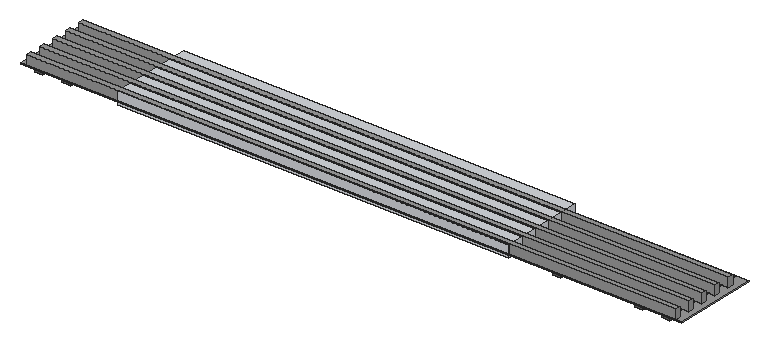
Revit family "1112-5, Veneer", category Generic Models, host Face, Revit 2020
Family settings
  Host = Face
  Can host rebar = No
  Round Connector Dimension = Use Diameter
  Part Type = Normal
  Cut with Voids When Loaded = No
  Shared = No
  Room Calculation Point = No
Parameters
  min_value [instance] = 1' - 11 1/4"  # constant formula
  max_value [instance] = 9' - 11 1/4"  # constant formula
  actual_value [instance] = if(NET LENGTH < min_value, min_value, if(NET LENGTH > max_value, max_value, NET LENGTH))  # 7' - 11 1/4"
  SCRIM MATERIAL [instance] = SCRIM
  SCRIM [instance] = yes
  NET LENGTH [instance] = 7' - 11 1/4"
  Default Elevation = 4' - 0"
  BACKER MATERIAL [instance] = BLACK-BACKERS
  .. MEMBER WIDTH [instance] = 0' - 0 3/4"  # constant formula
  .. MEMBER MATERIAL [instance] = Veneer Cherry
  .. MEMBER LENGTH [instance] = actual_value  # 7' - 11 1/4"
  .. MEMBER DEPTH [instance] = 0' - 1 3/8"  # constant formula
  .. MEMBER COUNT [instance] = 5  # constant formula
  IMPORTANT NOTE!!!                                                                             *Backer layout is for visualization purposes only, final layout to be determined by 9Wood. [instance] = ""
Reference planes (in)
  plane 1 "Center (Front/Back)": y = 0
  plane 2: z = 1.82209
  plane 3 "Center (Left/Right)": x = 0
Forms (in)
  Extrusion 1, solid
    sketch origin (132, -33.80483, 0) x (1, 0, 0) y (0, 1, 0)
      loop
        line (-118.625, 33.80483) -> (-61.26146, 33.80483) -> (-61.26146, 45.86733) -> (-118.625, 45.86733) -> (-118.625, 33.80483)
    from 1.82209 to 0
Dimensions and locks (in)
  aligned and locked: Extrusion 1 to plane 2
  aligned and locked: plane 3 "Center (Left/Right)" to nested 1
Nested families (in)
  nested 1: "1100 SERIES CONFIG" at (0, 2, 0), .. MEMBER DEPTH <- ".. MEMBER DEPTH", .. MEMBER LENGTH <- ".. MEMBER LENGTH", .. MEMBER WIDTH <- ".. MEMBER WIDTH", .. MEMBER MATERIAL <- ".. MEMBER MATERIAL", BACKING M MATERIAL <- "BACKER MATERIAL", SCRIM  MATERIAL <- "SCRIM MATERIAL", .. MEMBER COUNT <- ".. MEMBER COUNT", SCRIM <- "SCRIM", type "1100 SERIES CONFIG"
    with X 7' - 8", SCRIM OVERHANG 2 0' - 0 3/32", SCRIM OVERHANG 0' - 0 7/8", SCRIM LENGTH 8' - 1", SCRIM  MATERIAL SCRIM, SCRIM yes, NOMINAL LENGTH 7, N 8, Inset 6' - 0 3/8", INSET 0' - 1", INDEX 0' - 5 5/8", HALF MEMBER WIDTH 0' - 0 3/8", HALF LENGTH 3' - 11 5/8", END BACKER yes, BACKING M WIDTH 0' - 1 1/4", BACKING M OC SPACING 1' - 0", BACKING M MATERIAL BLACK-BACKERS, BACKING M LENGTH 0' - 11 7/8", BACKING M DEPTH 0' - 0 1/2", BACKING M COUNT 8, 3/16" INSET 0' - 0 3/16", .. MEMBER WIDTH 0' - 0 3/4", .. MEMBER OC SPACING 0' - 2.4", .. MEMBER MATERIAL Veneer Cherry, .. MEMBER LENGTH 7' - 11 1/4", .. MEMBER DEPTH 0' - 1 3/8", .. MEMBER COUNT 5
Definition of nested family "1100 SERIES CONFIG"
  Parameters (values of type "1100 SERIES CONFIG")
    X [instance] = .. MEMBER LENGTH - 0' 3 1/4"  # 5' - 5"
    SCRIM OVERHANG 2 [instance] = 0' - 0 3/32"  # constant formula
    SCRIM OVERHANG [instance] = 0' - 0 7/8"  # constant formula
    SCRIM LENGTH [instance] = .. MEMBER LENGTH + (SCRIM OVERHANG * 2)  # 5' - 10"
    SCRIM  MATERIAL [instance] = none
    SCRIM [instance] = yes
    NOMINAL LENGTH [instance] = 7
    N [instance] = if((X - (rounddown(X / 1' 0") * 1' 0")) > 1' 0", rounddown(X / 1' 0") + 2, rounddown(X / 1' 0") + 1)  # 6
    Inset [instance] = 6' - 0 3/8"  # constant formula
    INSET [instance] = 0' - 1"  # constant formula
    END BACKER [instance] = INDEX > 0' 3 5/8"  # yes
    INDEX [instance] = (.. MEMBER LENGTH - ((N - 1) * 1' 0")) / 2  # 0' - 4 1/8"
    HALF MEMBER WIDTH [instance] = .. MEMBER WIDTH / 2  # 0' - 0 5/16"
    HALF LENGTH [instance] = .. MEMBER LENGTH / 2  # 2' - 10 1/8"
    Default Elevation = 0' - 0"
    BACKING M WIDTH [instance] = 0' - 1 1/4"
    BACKING M SPACING = 3' - 3"
    BACKING M MATERIAL [instance] = none
    BACKING M LENGTH [instance] = 0' - 11 7/8"
    BACKING M DEPTH [instance] = 0' - 0 1/2"
    BACKING M COUNT [instance] = N  # 6
    BACKING M OC SPACING [instance] = 1' - 0"  # constant formula
    3/16" INSET [instance] = 0' - 0 3/16"  # constant formula
    .. MEMBER WIDTH [instance] = 0' - 0 5/8"
    .. MEMBER OC SPACING [instance] = 1' 0" / .. MEMBER COUNT  # 0' - 4"
    .. MEMBER MATERIAL [instance] = none
    .. MEMBER LENGTH [instance] = 5' - 8 1/4"
    .. MEMBER DEPTH [instance] = 0' - 1 3/8"
    .. MEMBER COUNT [instance] = 3
  Reference planes (in)
    plane 1 "Center (Front/Back)": y = -2
    plane 2: z = 0
    plane 3 "Center (Left/Right)": x = 0
    plane 4: x = 1
    plane 5: x = 4.125
    plane 6: x = 34.125
    plane 7: x = 68.25
    plane 8: x = 67.25
    plane 9: x = 16.125
    plane 10: y = -1.8125
    plane 11: y = -1.6875
    plane 12: y = 2.3125
    plane 13: x = 69.125
    plane 14: x = -0.875
    plane 15: z = 0.5
    plane 16: z = 0.5625
    plane 17: y = 10.0625
    plane 18: y = 10.15625
    plane 19: y = -2.09375
  Dimensions and locks (in)
    "INSET": plane 3 "Center (Left/Right)" to plane 4
    "INDEX": plane 3 "Center (Left/Right)" to plane 5
    "HALF LENGTH": plane 3 "Center (Left/Right)" to plane 6
    ".. MEMBER LENGTH": plane 3 "Center (Left/Right)" to plane 7
    "INSET": plane 8 to plane 7
    equal spacing: group 2, group 3, group 6, group 7, group 8, group 9  (x3)
    "3/16" INSET": plane 1 "Center (Front/Back)" to plane 10
    ".. MEMBER OC SPACING": plane 12 to plane 11
    "SCRIM OVERHANG": plane 14 to plane 3 "Center (Left/Right)"
    "SCRIM OVERHANG": plane 7 to plane 13
    equal spacing: group 1, group 4, group 5  (x2)
    equal spacing: group 5, group 4, group 1
    "HALF MEMBER WIDTH": plane 1 "Center (Front/Back)" to plane 11
    "BACKING M OC SPACING": plane 5 to plane 9
    "SCRIM OVERHANG 2": plane 18 to plane 17
    "SCRIM OVERHANG 2": plane 19 to plane 1 "Center (Front/Back)"
    aligned and locked: level to plane 2
    aligned and locked: plane 6 to nested 1
    aligned and locked: nested 2 to plane 4
    aligned and locked: plane 5 to nested 3
    aligned and locked: plane 1 "Center (Front/Back)" to nested 1
    aligned and locked: nested 2 to plane 10
    aligned and locked: nested 3 to plane 10
    aligned and locked: nested 5 to plane 10
    aligned and locked: nested 4 to plane 10
    aligned and locked: nested 6 to plane 14
    aligned and locked: plane 12 to nested 7
    aligned and locked: nested 7 to plane 3 "Center (Left/Right)"
    aligned and locked: plane 9 to nested 5
    aligned and locked: plane 8 to nested 4
    aligned and locked: plane 15 to nested 2
    aligned and locked: nested 6 to plane 15
    aligned and locked: nested 1 to plane 16
    aligned and locked: nested 7 to plane 16
    aligned and locked: nested 6 to plane 19
  Nested families (in)
    nested 1: "INSTANCE - Parametric Cube" at (34.125, -1.6875, 1.9375), Length <- ".. MEMBER WIDTH", Height <- ".. MEMBER DEPTH", Width <- ".. MEMBER LENGTH", Material <- ".. MEMBER MATERIAL", type "INSTANCE - Parametric Cube"
      with Width 5' - 8 1/4", Material none, Length 0' - 0 5/8", Height 0' - 1 3/8"
    nested 2: "2ND INSTANCE - Parametric Cube" at (1.625, 4.125, 0), Height <- "BACKING M DEPTH", Length <- "BACKING M LENGTH", Width <- "BACKING M WIDTH", Material <- "BACKING M MATERIAL", visible <- "END BACKER", type "2ND INSTANCE - Parametric Cube"
      with Width 0' - 1 1/4", Material none, Length 0' - 11 7/8", Height 0' - 0 1/2"
    nested 3: "2ND INSTANCE - Parametric Cube" at (4.125, 4.125, 0), Length <- "BACKING M LENGTH", Height <- "BACKING M DEPTH", Width <- "BACKING M WIDTH", Material <- "BACKING M MATERIAL", type "2ND INSTANCE - Parametric Cube"
      with Width 0' - 1 1/4", Material none, Length 0' - 11 7/8", Height 0' - 0 1/2"
    nested 4: "2ND INSTANCE - Parametric Cube" at (66.625, 4.125, 0), Width <- "BACKING M WIDTH", Length <- "BACKING M LENGTH", Height <- "BACKING M DEPTH", Material <- "BACKING M MATERIAL", visible <- "END BACKER", type "2ND INSTANCE - Parametric Cube"
      with Width 0' - 1 1/4", Material none, Length 0' - 11 7/8", Height 0' - 0 1/2"
    nested 5: "2ND INSTANCE - Parametric Cube" at (16.125, 4.125, 0), Length <- "BACKING M LENGTH", Height <- "BACKING M DEPTH", Width <- "BACKING M WIDTH", Material <- "BACKING M MATERIAL", type "2ND INSTANCE - Parametric Cube"
      with Width 0' - 1 1/4", Material none, Length 0' - 11 7/8", Height 0' - 0 1/2"
    nested 6: "3RD INSTANCE - Parametric Cube" at (34.125, 4.0445, 0.5), Width <- "SCRIM LENGTH", Material <- "SCRIM  MATERIAL", visible <- "SCRIM", type "3RD INSTANCE - Parametric Cube"
      with Width 5' - 10", Material none, Length 1' - 0.27649", Height 0' - 0 1/16"
    nested 7: "INSTANCE - Parametric Cube" at (34.125, 2.3125, 1.9375), Length <- ".. MEMBER WIDTH", Height <- ".. MEMBER DEPTH", Width <- ".. MEMBER LENGTH", Material <- ".. MEMBER MATERIAL", type "INSTANCE - Parametric Cube"
      with Width 5' - 8 1/4", Material none, Length 0' - 0 5/8", Height 0' - 1 3/8"
    nested 8: "INSTANCE - Parametric Cube" at (34.125, 6.3125, 1.9375), Length <- ".. MEMBER WIDTH", Height <- ".. MEMBER DEPTH", Width <- ".. MEMBER LENGTH", Material <- ".. MEMBER MATERIAL", type "INSTANCE - Parametric Cube"
      with Width 5' - 8 1/4", Material none, Length 0' - 0 5/8", Height 0' - 1 3/8"
    nested 9: "2ND INSTANCE - Parametric Cube" at (28.125, 4.125, 0), Length <- "BACKING M LENGTH", Height <- "BACKING M DEPTH", Width <- "BACKING M WIDTH", Material <- "BACKING M MATERIAL", type "2ND INSTANCE - Parametric Cube"
      with Width 0' - 1 1/4", Material none, Length 0' - 11 7/8", Height 0' - 0 1/2"
    nested 10: "2ND INSTANCE - Parametric Cube" at (40.125, 4.125, 0), Length <- "BACKING M LENGTH", Height <- "BACKING M DEPTH", Width <- "BACKING M WIDTH", Material <- "BACKING M MATERIAL", type "2ND INSTANCE - Parametric Cube"
      with Width 0' - 1 1/4", Material none, Length 0' - 11 7/8", Height 0' - 0 1/2"
    nested 11: "2ND INSTANCE - Parametric Cube" at (52.125, 4.125, 0), Length <- "BACKING M LENGTH", Height <- "BACKING M DEPTH", Width <- "BACKING M WIDTH", Material <- "BACKING M MATERIAL", type "2ND INSTANCE - Parametric Cube"
      with Width 0' - 1 1/4", Material none, Length 0' - 11 7/8", Height 0' - 0 1/2"
    nested 12: "2ND INSTANCE - Parametric Cube" at (64.125, 4.125, 0), Length <- "BACKING M LENGTH", Height <- "BACKING M DEPTH", Width <- "BACKING M WIDTH", Material <- "BACKING M MATERIAL", type "2ND INSTANCE - Parametric Cube"
      with Width 0' - 1 1/4", Material none, Length 0' - 11 7/8", Height 0' - 0 1/2"
  Definition of nested family "INSTANCE - Parametric Cube"
    Parameters (values of type "INSTANCE - Parametric Cube")
      Width [instance] = 0' - 6"
      Material [instance] = none
      Length [instance] = 1' - 0"
      Height [instance] = 1' - 6"
      Default Elevation = 0' - 0"
    Reference planes (in)
      plane 1 "Center (Front/Back)": y = 0
      plane 2: z = 0
      plane 3 "Center (Left/Right)": x = 0
      plane 4: x = -3
      plane 5: x = 3
      plane 6: y = 6
      plane 7: y = -6
      plane 8: z = -18
    Forms (in)
      Extrusion 1, solid, material <- "Material"
        sketch origin (0, 0, 0) x (1, 0, 0) y (0, 1, 0)
          loop
            line (-3, 6) -> (-3, -6) -> (3, -6) -> (3, 6) -> (-3, 6)
        from -18 to 0
    Dimensions and locks (in)
      equal spacing: plane 4, plane 3 "Center (Left/Right)", plane 5
      equal spacing: plane 6, plane 1 "Center (Front/Back)", plane 7
      "Length": plane 6 to plane 7
      "Width": plane 4 to plane 5
      "Height": plane 8 to level
      aligned and locked: plane 2 to level
      aligned and locked: Extrusion 1 sketch curve to plane 6
      aligned and locked: plane 4 to Extrusion 1 sketch curve
      aligned and locked: plane 7 to Extrusion 1 sketch curve
      aligned and locked: Extrusion 1 sketch curve to plane 5
      aligned and locked: Extrusion 1 to plane 8
  Definition of nested family "2ND INSTANCE - Parametric Cube"
    Parameters (values of type "2ND INSTANCE - Parametric Cube")
      Width [instance] = 0' - 6"
      Material [instance] = none
      Length [instance] = 1' - 0"
      Height [instance] = 1' - 6"
      Default Elevation = 0' - 0"
    Reference planes (in)
      plane 1 "Center (Front/Back)": y = 0
      plane 2: z = 0
      plane 3 "Center (Left/Right)": x = 0
      plane 4: x = -3
      plane 5: x = 3
      plane 6: y = 6
      plane 7: y = -6
      plane 8: z = 18
    Forms (in)
      Extrusion 1, solid, material <- "Material"
        sketch origin (0, 0, 0) x (1, 0, 0) y (0, 1, 0)
          loop
            line (-3, 6) -> (-3, -6) -> (3, -6) -> (3, 6) -> (-3, 6)
        from 0 to 18
    Dimensions and locks (in)
      equal spacing: plane 4, plane 3 "Center (Left/Right)", plane 5
      equal spacing: plane 6, plane 1 "Center (Front/Back)", plane 7
      "Length": plane 6 to plane 7
      "Width": plane 4 to plane 5
      "Height": level to plane 8
      aligned and locked: plane 2 to level
      aligned and locked: Extrusion 1 sketch curve to plane 6
      aligned and locked: plane 4 to Extrusion 1 sketch curve
      aligned and locked: plane 7 to Extrusion 1 sketch curve
      aligned and locked: Extrusion 1 sketch curve to plane 5
      aligned and locked: plane 8 to Extrusion 1
      aligned and locked: Extrusion 1 to level
  Definition of nested family "3RD INSTANCE - Parametric Cube"
    Parameters (values of type "3RD INSTANCE - Parametric Cube")
      Width [instance] = 0' - 6"
      Material [instance] = none
      Length [instance] = 1' - 0"
      Height [instance] = 1' - 6"
      Default Elevation = 0' - 0"
    Reference planes (in)
      plane 1 "Center (Front/Back)": y = 0
      plane 2: z = 0
      plane 3 "Center (Left/Right)": x = 0
      plane 4: x = -3
      plane 5: x = 3
      plane 6: y = 6
      plane 7: y = -6
      plane 8: z = 18
    Forms (in)
      Extrusion 1, solid, material <- "Material"
        sketch origin (0, 0, 0) x (1, 0, 0) y (0, 1, 0)
          loop
            line (-3, 6) -> (-3, -6) -> (3, -6) -> (3, 6) -> (-3, 6)
        from 0 to 18
    Dimensions and locks (in)
      equal spacing: plane 4, plane 3 "Center (Left/Right)", plane 5
      equal spacing: plane 6, plane 1 "Center (Front/Back)", plane 7
      "Length": plane 6 to plane 7
      "Width": plane 4 to plane 5
      "Height": level to plane 8
      aligned and locked: plane 2 to level
      aligned and locked: Extrusion 1 sketch curve to plane 6
      aligned and locked: plane 4 to Extrusion 1 sketch curve
      aligned and locked: plane 7 to Extrusion 1 sketch curve
      aligned and locked: Extrusion 1 sketch curve to plane 5
      aligned and locked: plane 8 to Extrusion 1
      aligned and locked: Extrusion 1 to level
